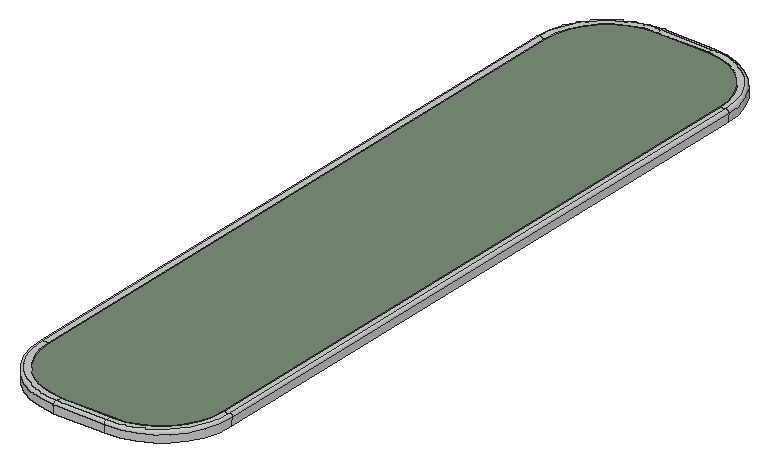
Revit family
Parameters (values of type "12800 x 3000mm")
  길이 = 12800 mm
  폭 = 3000 mm
Reference planes
  plane 1 "중심(앞/뒤)": y = -914.4
  plane 2: z = 0
  plane 3 "중심(왼쪽/오른쪽)": x = 0
  plane 4: y = 5485.6
  plane 5: y = -7314.4
  plane 6: x = -3152.4
  plane 7: x = -152.4
  plane 8: x = -3304.8
  plane 9: y = -7466.8
  plane 10: y = 5638
  plane 11: x = -1652.4
  plane 12: x = -2085.6
  plane 13: x = -1219.2
Forms (mm)
  Sweep 1, solid, material "콘크리트 - 현장타설 콘크리트"
    path origin (0, 0, 0) x (1, 0, 0) y (0, 1, 0)
      loop
        arc (0, 4418.8) -> (-357.095, 5280.905) -> (-1219.2, 5638) r 1219.2
        line (-1219.2, 5638) -> (-2085.6, 5638)
        arc (-2085.6, 5638) -> (-2947.705, 5280.905) -> (-3304.8, 4418.8) r 1219.2
        line (-3304.8, 4418.8) -> (-3304.8, -6247.6)
        arc (-3304.8, -6247.6) -> (-2947.705, -7109.705) -> (-2085.6, -7466.8) r 1219.2
        line (-2085.6, -7466.8) -> (-1219.2, -7466.8)
        arc (-1219.2, -7466.8) -> (-357.095, -7109.705) -> (0, -6247.6) r 1219.2
        line (0, -6247.6) -> (0, 4418.8)
    profile origin (0, -914.4, 0) x (1, 0, 0) y (0, 0, 1)
      loop
        line (0, 0) -> (0, 127)
        arc (0, 127) -> (-14.879, 162.921) -> (-50.8, 177.8) r 50.8
        line (-50.8, 177.8) -> (-152.4, 177.8) -> (-152.4, 0) -> (0, 0)
  Extrusion 2, solid, material "대지 - 잔디"
    sketch origin (0, 0, 0) x (1, 0, 0) y (0, 1, 0)
      loop
        arc (-3152.4, -6247.6) -> (-2839.942, -7001.942) -> (-2085.6, -7314.4) r 1066.8
        line (-2085.6, -7314.4) -> (-1219.2, -7314.4)
        arc (-1219.2, -7314.4) -> (-464.858, -7001.942) -> (-152.4, -6247.6) r 1066.8
        line (-152.4, -6247.6) -> (-152.4, 4418.8)
        arc (-152.4, 4418.8) -> (-464.858, 5173.142) -> (-1219.2, 5485.6) r 1066.8
        line (-1219.2, 5485.6) -> (-2085.6, 5485.6)
        arc (-2085.6, 5485.6) -> (-2839.942, 5173.142) -> (-3152.4, 4418.8) r 1066.8
        line (-3152.4, 4418.8) -> (-3152.4, -6247.6)
    from 0 to 177.8
Lines and regions (mm)
  symbolic lines, style "주차장"
    curve 1: line (-3152.4, 4418.8, 0) -> (-3152.4, -6247.6, 0)
    curve 2: arc (-3152.4, 4418.8, 0) -> (-2839.942, 5173.142, 0) -> (-2085.6, 5485.6, 0) r 1066.8
    curve 3: line (-1219.2, 5485.6, 0) -> (-2085.6, 5485.6, 0)
    curve 4: line (-152.4, -6247.6, 0) -> (-152.4, 4418.8, 0)
    curve 5: arc (-3152.4, -6247.6, 0) -> (-2839.942, -7001.942, 0) -> (-2085.6, -7314.4, 0) r 1066.8
    curve 6: line (-2085.6, -7314.4, 0) -> (-1219.2, -7314.4, 0)
  model lines, style "주차장"
    curve 7: arc (-152.4, -6247.6, 0) -> (-464.858, -7001.942, 0) -> (-1219.2, -7314.4, 0) r 1066.8
    curve 8: arc (-152.4, 4418.8, 0) -> (-464.858, 5173.142, 0) -> (-1219.2, 5485.6, 0) r 1066.8
Dimensions and locks
  "길이": plane 5 to plane 4
  "폭": plane 6 to plane 7
  locked: plane 7 to plane 3 "중심(왼쪽/오른쪽)" at 152.4
  locked: plane 4 to plane 10 at 152.4
  locked: plane 8 to plane 6 at 152.4
  locked: plane 9 to plane 5 at 152.4
  equal spacing: plane 6, plane 11, plane 7
  equal spacing: plane 5, plane 1 "중심(앞/뒤)", plane 4
  locked: plane 6 to plane 12 at 1066.8
  locked: plane 13 to plane 7 at 1066.8
  aligned and locked: Extrusion 2 sketch curve to curve 1
  aligned and locked: Extrusion 2 sketch curve to curve 4
  aligned and locked: plane 9 to Sweep 1 sketch curve
  aligned and locked: plane 10 to Sweep 1 sketch curve
  aligned and locked: Sweep 1 sketch curve to plane 3 "중심(왼쪽/오른쪽)"
  aligned and locked: Sweep 1 sketch curve to plane 8
  aligned and locked: curve 3 to plane 4
  aligned and locked: curve 6 to plane 5
  aligned and locked: Extrusion 2 sketch curve to curve 3
  aligned and locked: Extrusion 2 sketch curve to curve 6
Automatic sketch dimensions
  Sweep 1 sketch curve to level = 0 mm
  Sweep 1 sketch curve to profile plane = 0 mm
  profile plane to Sweep 1 sketch curve = 50.8 mm
  Sweep 1 sketch curve to Sweep 1 sketch curve = 101.6 mm
  level to Sweep 1 sketch curve = 127 mm
  Extrusion 2 sketch curve to plane 12 = 0 mm  (x2)
  Extrusion 2 sketch curve to plane 13 = 0 mm  (x2)
  Sweep 1 sketch curve to plane 12 = 0 mm  (x2)
  Sweep 1 sketch curve to plane 13 = 0 mm  (x2)
  curve 5 to plane 6 = 0 mm
  curve 2 to plane 12 = 0 mm
  curve 5 to plane 12 = 0 mm
  curve 3 to plane 13 = 0 mm
  curve 6 to plane 13 = 0 mm
  curve 8 to plane 7 = 0 mm
